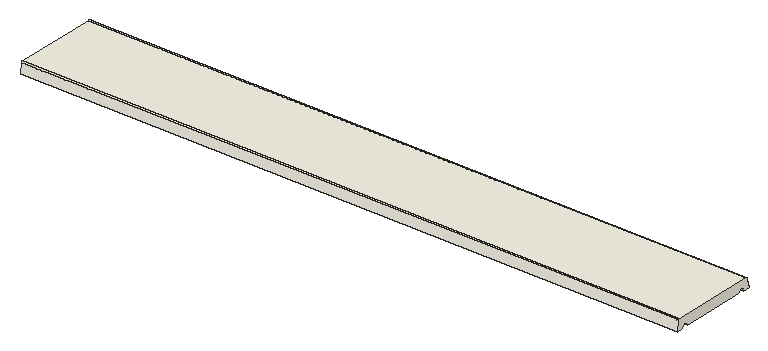
Revit family "Albardilla MJ. C-1", category Modelos genéricos, Revit 2020
Family settings
  Puede alojar armadura = No
  Cota de conector redondo = Diámetro de uso
  Tipo de pieza = Normal
  Se basa en plano de trabajo = No
  Siempre vertical = No
  Corte con vacíos al cargar = No
  Compartido = No
  Punto de cálculo de habitación = No
Parameters (values of type "MJ12")
  Descripción = "Pieza de hormigón polímero con anclaje de acero inoxidable."
  Ancho doble = Ancho / 4  # 31.25 mm
  Visible una linea = if(Ancho > 300 mm, 2 = 3, 2 = 2)  # yes
  Visible dos líneas = if(Ancho > 300 mm, 2 = 2, 2 = 3)  # no
  URL = "https://www.ulmaarchitectural.com/es-es"
  Nº filas anclajes [instance] = if(Longitud > 2600 mm, 6, if(Longitud < 660 mm, 2, Longitud / Dist. entre anclajes))  # 3
  Modelo = "Albardilla MJ12"
  Material = Hormigón polímero STONEO. Color C-1
  Longitud real [instance] = if(Longitud > 2600 mm, 2600 mm, if(Longitud < 500 mm, 500 mm, Longitud))  # 1300 mm
  Longitud [instance] = 1300 mm
  Fabricante = "ULMA Architectural Solutions"
  Elevación por defecto = 0 mm
  Dist. entre anclajes [instance] = if(Longitud < 650 mm, 340 mm, 440 mm)  # 440 mm
  Dist primer anclaje [instance] = if(Longitud < 700 mm, 80 mm, 150 mm)  # 150 mm
  Código de montaje = "MJ12"
  Ancho total = Ancho + 50 mm  # 175 mm
  Ancho = 125 mm
Types (11, lengths in mm): name | Ancho doble | Visible una linea | Visible dos líneas | Modelo | Código de montaje | Ancho total | Ancho
  (no name) | 31.25 | yes | no | "Albardilla MJ12" | "MJ12" | 175 | 125
  MJ12 | 31.25 | yes | no | "Albardilla MJ12" | "MJ12" | 175 | 125
  MJ14 | 37.5 | yes | no | "Albardilla MJ14" | "MJ14" | 200 | 150
  MJ17 | 42.5 | yes | no | "Albardilla MJ17" | "MJ17" | 220 | 170
  MJ19 | 51.25 | yes | no | "Albardilla MJ19" | "MJ19" | 255 | 205
  MJ22 | 55 | yes | no | "Albardilla MJ22" | "MJ22" | 270 | 220
  MJ25 | 63.75 | yes | no | "Albardilla MJ25" | "MJ25" | 305 | 255
  MJ30 | 76.25 | no | yes | "Albardilla MJ30" | "MJ30" | 355 | 305
  MJ35 | 87.5 | no | yes | "Albardilla MJ35" | "MJ35" | 400 | 350
  MJ40 | 100 | no | yes | "Albardilla MJ40" | "MJ40" | 450 | 400
  MJ27 | 67.5 | yes | no | "Albardilla MJ27" | "MJ27" | 320 | 270
Reference planes
  plane 1 "Centro (Frontal/Posterior)": y = 0
  plane 2: z = 0
  plane 3 "Centro (Izquierda/Derecha)": x = 0
  plane 4: y = -31.25
  plane 5: y = 31.25
Forms (mm)
  Extrusion 1, solid, material "Hormigón polímero STONEO. Color C-1" <- "Material"
    sketch origin (0, 0, 0) x (0, 1, 0) y (0, 0, 1)
      loop
        line (-87.5, 0) -> (-77.5, 0) -> (-71.536, 7.156)
        arc (-71.536, 7.156) -> (-70, 7.876) -> (-68.464, 7.156) r 2
        line (-68.464, 7.156) -> (-62.5, 0) -> (62.5, 0) -> (68.464, 7.156)
        arc (68.464, 7.156) -> (70, 7.876) -> (71.536, 7.156) r 2
        line (71.536, 7.156) -> (77.5, 0) -> (87.5, 0) -> (84.265, 18.347)
        arc (84.265, 18.347) -> (83.581, 19.532) -> (82.295, 20) r 2
        line (82.295, 20) -> (-82.295, 20)
        arc (-82.295, 20) -> (-83.581, 19.532) -> (-84.265, 18.347) r 2
        line (-84.265, 18.347) -> (-87.5, 0)
    from 0 to 1300
Dimensions and locks
  equal spacing: Extrusion 1 sketch curve, plane 1 "Centro (Frontal/Posterior)", Extrusion 1 sketch curve
  "Ancho total": Extrusion 1 sketch curve to Extrusion 1 sketch curve
  Extrusion 1 sketch curve to Extrusion 1 sketch curve = 10 mm
  Extrusion 1 sketch curve to Extrusion 1 sketch curve = 15 mm
  "Longitud real": Extrusion 1 to Extrusion 1
  "Dist primer anclaje": Extrusion 1 to nested 1
  equal spacing: group 1, group 2, group 7  (x3)
  "Dist. entre anclajes": nested 1 to nested 2
  "Dist primer anclaje": plane 3 "Centro (Izquierda/Derecha)" to nested 3
  "Dist primer anclaje": plane 3 "Centro (Izquierda/Derecha)" to nested 4
  "Ancho doble": plane 1 "Centro (Frontal/Posterior)" to plane 4
  "Ancho doble": plane 1 "Centro (Frontal/Posterior)" to plane 5
  equal spacing: group 3, group 4, group 8  (x3)
  "Dist. entre anclajes": nested 4 to nested 5
  equal spacing: group 5, group 6, group 9  (x3)
  "Dist. entre anclajes": nested 3 to nested 6
  Extrusion 1 sketch curve to level = 20 mm
  Extrusion 1 sketch curve to Extrusion 1 sketch curve to Extrusion 1 sketch curve = 10 mm, 15 mm
  Extrusion 1 sketch curve to level = 7.876 mm  (x2)
  radius of Extrusion 1 sketch curve = 2 mm  (x2)
  angle Extrusion 1 sketch curve to Extrusion 1 sketch curve = 80.00°  (x2)
  aligned and locked: level to plane 2
  aligned and locked: plane 1 "Centro (Frontal/Posterior)" to nested 1
  aligned and locked: level to nested 2
  aligned and locked: level to nested 1
  aligned and locked: nested 4 to plane 4
  aligned and locked: nested 3 to plane 5
  aligned and locked: nested 5 to plane 4
  aligned and locked: nested 6 to plane 5
Automatic sketch dimensions
  Extrusion 1 sketch curve to level = 0 mm  (x3)
  level to Extrusion 1 sketch curve = 18.347 mm  (x2)
  level to Extrusion 1 sketch curve = 7.156 mm  (x4)
  Extrusion 1 sketch curve to Extrusion 1 sketch curve = 5.964 mm  (x2)
  Extrusion 1 sketch curve to Extrusion 1 sketch curve = 1.536 mm  (x2)
Nested families
  nested 1: "Anclaje imposta" at (150, 0, -2) x (0, -1, 0) z (0, 0, 1), visible <- "Visible una linea", type "Anclaje imposta"
  nested 2: "Anclaje imposta" at (590, 0, -2) x (0, -1, 0) z (0, 0, 1), visible <- "Visible una linea", type "Anclaje imposta"
  nested 3: "Anclaje imposta" at (150, 31.25, -2) x (0, -1, 0) z (0, 0, 1), visible <- "Visible dos líneas", type "Anclaje imposta"
  nested 4: "Anclaje imposta" at (150, -31.25, -2) x (0, -1, 0) z (0, 0, 1), visible <- "Visible dos líneas", type "Anclaje imposta"
  nested 5: "Anclaje imposta" at (590, -31.25, -2) x (0, -1, 0) z (0, 0, 1), visible <- "Visible dos líneas", type "Anclaje imposta"
  nested 6: "Anclaje imposta" at (590, 31.25, -2) x (0, -1, 0) z (0, 0, 1), visible <- "Visible dos líneas", type "Anclaje imposta"
  nested 7: "Anclaje imposta" at (1030, 0, -2) x (0, -1, 0) z (0, 0, 1), visible <- "Visible una linea", type "Anclaje imposta"
  nested 8: "Anclaje imposta" at (1030, -31.25, -2) x (0, -1, 0) z (0, 0, 1), visible <- "Visible dos líneas", type "Anclaje imposta"
  nested 9: "Anclaje imposta" at (1030, 31.25, -2) x (0, -1, 0) z (0, 0, 1), visible <- "Visible dos líneas", type "Anclaje imposta"
Definition of nested family "Anclaje imposta"
  Parameters (values of type "Anclaje inoxidable estándar")
    URL = "https://www.ulmaarchitectural.com/es-es"
    Model = "Sujeción anclaje inoxidable estándar SPE"
    Material = none
    Manufacturer = "ULMA"
    Default Elevation = 0 mm
    Assembly Code = "901250015"
  Reference planes
    plane 1 "Centro (Frontal/Posterior)": y = 0
    plane 2: z = 0
    plane 3 "Centro (Izquierda/Derecha)": x = 0
  Dimensions and locks
    equal spacing: import instance, plane 3 "Centro (Izquierda/Derecha)", import instance
    aligned and locked: level to plane 2
